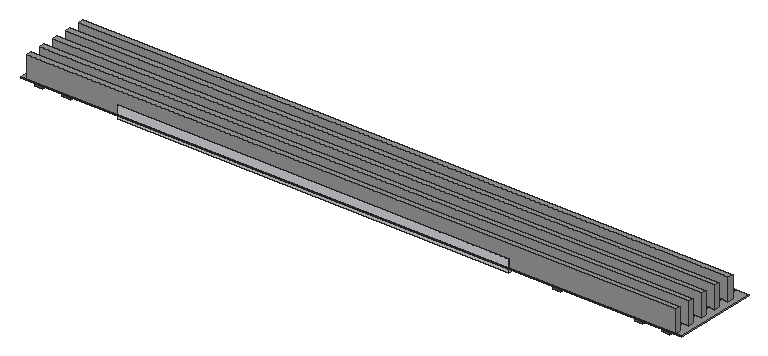
Revit family "1114-5, Solid", category Generic Models, host Face, Revit 2020
Family settings
  Host = Face
  Can host rebar = No
  Round Connector Dimension = Use Diameter
  Part Type = Normal
  Cut with Voids When Loaded = No
  Shared = No
  Room Calculation Point = No
Parameters
  min_value [instance] = 1' - 11 1/4"  # constant formula
  max_value [instance] = 11' - 11 1/4"  # constant formula
  actual_value [instance] = if(NET LENGTH < min_value, min_value, if(NET LENGTH > max_value, max_value, NET LENGTH))  # 7' - 11 1/4"
  SCRIM MATERIAL [instance] = SCRIM
  SCRIM [instance] = yes
  NET LENGTH [instance] = 7' - 11 1/4"
  Default Elevation = 4' - 0"
  BACKER MATERIAL [instance] = BLACK-BACKERS
  .. MEMBER WIDTH [instance] = 0' - 0 3/4"  # constant formula
  .. MEMBER MATERIAL [instance] = Solid Western Hemlock
  .. MEMBER LENGTH [instance] = actual_value  # 7' - 11 1/4"
  .. MEMBER DEPTH [instance] = 0' - 3 1/4"  # constant formula
  .. MEMBER COUNT [instance] = 5  # constant formula
  IMPORTANT NOTE!!!                                                                             *Backer layout is for visualization purposes only, final layout to be determined by 9Wood. [instance] = ""
Reference planes (in)
  plane 1 "Center (Front/Back)": y = 0
  plane 2: z = 1.82209
  plane 3 "Center (Left/Right)": x = 0
Forms (in)
  Extrusion 1, solid
    sketch origin (132, -33.80483, 0) x (1, 0, 0) y (0, 1, 0)
      loop
        line (-118.625, 33.80483) -> (-61.26146, 33.80483) -> (-61.26146, 45.86733) -> (-118.625, 45.86733) -> (-118.625, 33.80483)
    from 1.82209 to 0
Dimensions and locks (in)
  aligned and locked: Extrusion 1 to plane 2
  aligned and locked: plane 3 "Center (Left/Right)" to nested 1
Nested families (in)
  nested 1: "1100 SERIES CONFIG" at (0, 2, 0), .. MEMBER DEPTH <- ".. MEMBER DEPTH", .. MEMBER LENGTH <- ".. MEMBER LENGTH", .. MEMBER WIDTH <- ".. MEMBER WIDTH", .. MEMBER MATERIAL <- ".. MEMBER MATERIAL", BACKING M MATERIAL <- "BACKER MATERIAL", SCRIM  MATERIAL <- "SCRIM MATERIAL", .. MEMBER COUNT <- ".. MEMBER COUNT", SCRIM <- "SCRIM", type "1100 SERIES CONFIG"
    with X 7' - 8", SCRIM OVERHANG 2 0' - 0 3/32", SCRIM OVERHANG 0' - 0 7/8", SCRIM LENGTH 8' - 1", SCRIM  MATERIAL SCRIM, SCRIM yes, NOMINAL LENGTH 7, N 8, Inset 6' - 0 3/8", INSET 0' - 1", INDEX 0' - 5 5/8", HALF MEMBER WIDTH 0' - 0 3/8", HALF LENGTH 3' - 11 5/8", END BACKER yes, BACKING M WIDTH 0' - 1 1/4", BACKING M OC SPACING 1' - 0", BACKING M MATERIAL BLACK-BACKERS, BACKING M LENGTH 0' - 11 7/8", BACKING M DEPTH 0' - 0 1/2", BACKING M COUNT 8, 3/16" INSET 0' - 0 3/16", .. MEMBER WIDTH 0' - 0 3/4", .. MEMBER OC SPACING 0' - 2.4", .. MEMBER MATERIAL Solid Western Hemlock, .. MEMBER LENGTH 7' - 11 1/4", .. MEMBER DEPTH 0' - 3 1/4", .. MEMBER COUNT 5
Definition of nested family "1100 SERIES CONFIG"
  Parameters (values of type "1100 SERIES CONFIG")
    X [instance] = .. MEMBER LENGTH - 0' 3 1/4"  # 5' - 5"
    SCRIM OVERHANG 2 [instance] = 0' - 0 3/32"  # constant formula
    SCRIM OVERHANG [instance] = 0' - 0 7/8"  # constant formula
    SCRIM LENGTH [instance] = .. MEMBER LENGTH + (SCRIM OVERHANG * 2)  # 5' - 10"
    SCRIM  MATERIAL [instance] = none
    SCRIM [instance] = yes
    NOMINAL LENGTH [instance] = 7
    N [instance] = if((X - (rounddown(X / 1' 0") * 1' 0")) > 1' 0", rounddown(X / 1' 0") + 2, rounddown(X / 1' 0") + 1)  # 6
    Inset [instance] = 6' - 0 3/8"  # constant formula
    INSET [instance] = 0' - 1"  # constant formula
    END BACKER [instance] = INDEX > 0' 3 5/8"  # yes
    INDEX [instance] = (.. MEMBER LENGTH - ((N - 1) * 1' 0")) / 2  # 0' - 4 1/8"
    HALF MEMBER WIDTH [instance] = .. MEMBER WIDTH / 2  # 0' - 0 5/16"
    HALF LENGTH [instance] = .. MEMBER LENGTH / 2  # 2' - 10 1/8"
    Default Elevation = 0' - 0"
    BACKING M WIDTH [instance] = 0' - 1 1/4"
    BACKING M SPACING = 3' - 3"
    BACKING M MATERIAL [instance] = none
    BACKING M LENGTH [instance] = 0' - 11 7/8"
    BACKING M DEPTH [instance] = 0' - 0 1/2"
    BACKING M COUNT [instance] = N  # 6
    BACKING M OC SPACING [instance] = 1' - 0"  # constant formula
    3/16" INSET [instance] = 0' - 0 3/16"  # constant formula
    .. MEMBER WIDTH [instance] = 0' - 0 5/8"
    .. MEMBER OC SPACING [instance] = 1' 0" / .. MEMBER COUNT  # 0' - 4"
    .. MEMBER MATERIAL [instance] = none
    .. MEMBER LENGTH [instance] = 5' - 8 1/4"
    .. MEMBER DEPTH [instance] = 0' - 1 3/8"
    .. MEMBER COUNT [instance] = 3
  Reference planes (in)
    plane 1 "Center (Front/Back)": y = -2
    plane 2: z = 0
    plane 3 "Center (Left/Right)": x = 0
    plane 4: x = 1
    plane 5: x = 4.125
    plane 6: x = 34.125
    plane 7: x = 68.25
    plane 8: x = 67.25
    plane 9: x = 16.125
    plane 10: y = -1.8125
    plane 11: y = -1.6875
    plane 12: y = 2.3125
    plane 13: x = 69.125
    plane 14: x = -0.875
    plane 15: z = 0.5
    plane 16: z = 0.5625
    plane 17: y = 10.0625
    plane 18: y = 10.15625
    plane 19: y = -2.09375
  Dimensions and locks (in)
    "INSET": plane 3 "Center (Left/Right)" to plane 4
    "INDEX": plane 3 "Center (Left/Right)" to plane 5
    "HALF LENGTH": plane 3 "Center (Left/Right)" to plane 6
    ".. MEMBER LENGTH": plane 3 "Center (Left/Right)" to plane 7
    "INSET": plane 8 to plane 7
    equal spacing: group 2, group 3, group 6, group 7, group 8, group 9  (x3)
    "3/16" INSET": plane 1 "Center (Front/Back)" to plane 10
    ".. MEMBER OC SPACING": plane 12 to plane 11
    "SCRIM OVERHANG": plane 14 to plane 3 "Center (Left/Right)"
    "SCRIM OVERHANG": plane 7 to plane 13
    equal spacing: group 1, group 4, group 5  (x2)
    equal spacing: group 5, group 4, group 1
    "HALF MEMBER WIDTH": plane 1 "Center (Front/Back)" to plane 11
    "BACKING M OC SPACING": plane 5 to plane 9
    "SCRIM OVERHANG 2": plane 18 to plane 17
    "SCRIM OVERHANG 2": plane 19 to plane 1 "Center (Front/Back)"
    aligned and locked: level to plane 2
    aligned and locked: plane 6 to nested 1
    aligned and locked: nested 2 to plane 4
    aligned and locked: plane 5 to nested 3
    aligned and locked: plane 1 "Center (Front/Back)" to nested 1
    aligned and locked: nested 2 to plane 10
    aligned and locked: nested 3 to plane 10
    aligned and locked: nested 5 to plane 10
    aligned and locked: nested 4 to plane 10
    aligned and locked: nested 6 to plane 14
    aligned and locked: plane 12 to nested 7
    aligned and locked: nested 7 to plane 3 "Center (Left/Right)"
    aligned and locked: plane 9 to nested 5
    aligned and locked: plane 8 to nested 4
    aligned and locked: plane 15 to nested 2
    aligned and locked: nested 6 to plane 15
    aligned and locked: nested 1 to plane 16
    aligned and locked: nested 7 to plane 16
    aligned and locked: nested 6 to plane 19
  Nested families (in)
    nested 1: "INSTANCE - Parametric Cube" at (34.125, -1.6875, 1.9375), Length <- ".. MEMBER WIDTH", Height <- ".. MEMBER DEPTH", Width <- ".. MEMBER LENGTH", Material <- ".. MEMBER MATERIAL", type "INSTANCE - Parametric Cube"
      with Width 5' - 8 1/4", Material none, Length 0' - 0 5/8", Height 0' - 1 3/8"
    nested 2: "2ND INSTANCE - Parametric Cube" at (1.625, 4.125, 0), Height <- "BACKING M DEPTH", Length <- "BACKING M LENGTH", Width <- "BACKING M WIDTH", Material <- "BACKING M MATERIAL", visible <- "END BACKER", type "2ND INSTANCE - Parametric Cube"
      with Width 0' - 1 1/4", Material none, Length 0' - 11 7/8", Height 0' - 0 1/2"
    nested 3: "2ND INSTANCE - Parametric Cube" at (4.125, 4.125, 0), Length <- "BACKING M LENGTH", Height <- "BACKING M DEPTH", Width <- "BACKING M WIDTH", Material <- "BACKING M MATERIAL", type "2ND INSTANCE - Parametric Cube"
      with Width 0' - 1 1/4", Material none, Length 0' - 11 7/8", Height 0' - 0 1/2"
    nested 4: "2ND INSTANCE - Parametric Cube" at (66.625, 4.125, 0), Width <- "BACKING M WIDTH", Length <- "BACKING M LENGTH", Height <- "BACKING M DEPTH", Material <- "BACKING M MATERIAL", visible <- "END BACKER", type "2ND INSTANCE - Parametric Cube"
      with Width 0' - 1 1/4", Material none, Length 0' - 11 7/8", Height 0' - 0 1/2"
    nested 5: "2ND INSTANCE - Parametric Cube" at (16.125, 4.125, 0), Length <- "BACKING M LENGTH", Height <- "BACKING M DEPTH", Width <- "BACKING M WIDTH", Material <- "BACKING M MATERIAL", type "2ND INSTANCE - Parametric Cube"
      with Width 0' - 1 1/4", Material none, Length 0' - 11 7/8", Height 0' - 0 1/2"
    nested 6: "3RD INSTANCE - Parametric Cube" at (34.125, 4.0445, 0.5), Width <- "SCRIM LENGTH", Material <- "SCRIM  MATERIAL", visible <- "SCRIM", type "3RD INSTANCE - Parametric Cube"
      with Width 5' - 10", Material none, Length 1' - 0.27649", Height 0' - 0 1/16"
    nested 7: "INSTANCE - Parametric Cube" at (34.125, 2.3125, 1.9375), Length <- ".. MEMBER WIDTH", Height <- ".. MEMBER DEPTH", Width <- ".. MEMBER LENGTH", Material <- ".. MEMBER MATERIAL", type "INSTANCE - Parametric Cube"
      with Width 5' - 8 1/4", Material none, Length 0' - 0 5/8", Height 0' - 1 3/8"
    nested 8: "INSTANCE - Parametric Cube" at (34.125, 6.3125, 1.9375), Length <- ".. MEMBER WIDTH", Height <- ".. MEMBER DEPTH", Width <- ".. MEMBER LENGTH", Material <- ".. MEMBER MATERIAL", type "INSTANCE - Parametric Cube"
      with Width 5' - 8 1/4", Material none, Length 0' - 0 5/8", Height 0' - 1 3/8"
    nested 9: "2ND INSTANCE - Parametric Cube" at (28.125, 4.125, 0), Length <- "BACKING M LENGTH", Height <- "BACKING M DEPTH", Width <- "BACKING M WIDTH", Material <- "BACKING M MATERIAL", type "2ND INSTANCE - Parametric Cube"
      with Width 0' - 1 1/4", Material none, Length 0' - 11 7/8", Height 0' - 0 1/2"
    nested 10: "2ND INSTANCE - Parametric Cube" at (40.125, 4.125, 0), Length <- "BACKING M LENGTH", Height <- "BACKING M DEPTH", Width <- "BACKING M WIDTH", Material <- "BACKING M MATERIAL", type "2ND INSTANCE - Parametric Cube"
      with Width 0' - 1 1/4", Material none, Length 0' - 11 7/8", Height 0' - 0 1/2"
    nested 11: "2ND INSTANCE - Parametric Cube" at (52.125, 4.125, 0), Length <- "BACKING M LENGTH", Height <- "BACKING M DEPTH", Width <- "BACKING M WIDTH", Material <- "BACKING M MATERIAL", type "2ND INSTANCE - Parametric Cube"
      with Width 0' - 1 1/4", Material none, Length 0' - 11 7/8", Height 0' - 0 1/2"
    nested 12: "2ND INSTANCE - Parametric Cube" at (64.125, 4.125, 0), Length <- "BACKING M LENGTH", Height <- "BACKING M DEPTH", Width <- "BACKING M WIDTH", Material <- "BACKING M MATERIAL", type "2ND INSTANCE - Parametric Cube"
      with Width 0' - 1 1/4", Material none, Length 0' - 11 7/8", Height 0' - 0 1/2"
  Definition of nested family "INSTANCE - Parametric Cube"
    Parameters (values of type "INSTANCE - Parametric Cube")
      Width [instance] = 0' - 6"
      Material [instance] = none
      Length [instance] = 1' - 0"
      Height [instance] = 1' - 6"
      Default Elevation = 0' - 0"
    Reference planes (in)
      plane 1 "Center (Front/Back)": y = 0
      plane 2: z = 0
      plane 3 "Center (Left/Right)": x = 0
      plane 4: x = -3
      plane 5: x = 3
      plane 6: y = 6
      plane 7: y = -6
      plane 8: z = -18
    Forms (in)
      Extrusion 1, solid, material <- "Material"
        sketch origin (0, 0, 0) x (1, 0, 0) y (0, 1, 0)
          loop
            line (-3, 6) -> (-3, -6) -> (3, -6) -> (3, 6) -> (-3, 6)
        from -18 to 0
    Dimensions and locks (in)
      equal spacing: plane 4, plane 3 "Center (Left/Right)", plane 5
      equal spacing: plane 6, plane 1 "Center (Front/Back)", plane 7
      "Length": plane 6 to plane 7
      "Width": plane 4 to plane 5
      "Height": plane 8 to level
      aligned and locked: plane 2 to level
      aligned and locked: Extrusion 1 sketch curve to plane 6
      aligned and locked: plane 4 to Extrusion 1 sketch curve
      aligned and locked: plane 7 to Extrusion 1 sketch curve
      aligned and locked: Extrusion 1 sketch curve to plane 5
      aligned and locked: Extrusion 1 to plane 8
  Definition of nested family "2ND INSTANCE - Parametric Cube"
    Parameters (values of type "2ND INSTANCE - Parametric Cube")
      Width [instance] = 0' - 6"
      Material [instance] = none
      Length [instance] = 1' - 0"
      Height [instance] = 1' - 6"
      Default Elevation = 0' - 0"
    Reference planes (in)
      plane 1 "Center (Front/Back)": y = 0
      plane 2: z = 0
      plane 3 "Center (Left/Right)": x = 0
      plane 4: x = -3
      plane 5: x = 3
      plane 6: y = 6
      plane 7: y = -6
      plane 8: z = 18
    Forms (in)
      Extrusion 1, solid, material <- "Material"
        sketch origin (0, 0, 0) x (1, 0, 0) y (0, 1, 0)
          loop
            line (-3, 6) -> (-3, -6) -> (3, -6) -> (3, 6) -> (-3, 6)
        from 0 to 18
    Dimensions and locks (in)
      equal spacing: plane 4, plane 3 "Center (Left/Right)", plane 5
      equal spacing: plane 6, plane 1 "Center (Front/Back)", plane 7
      "Length": plane 6 to plane 7
      "Width": plane 4 to plane 5
      "Height": level to plane 8
      aligned and locked: plane 2 to level
      aligned and locked: Extrusion 1 sketch curve to plane 6
      aligned and locked: plane 4 to Extrusion 1 sketch curve
      aligned and locked: plane 7 to Extrusion 1 sketch curve
      aligned and locked: Extrusion 1 sketch curve to plane 5
      aligned and locked: plane 8 to Extrusion 1
      aligned and locked: Extrusion 1 to level
  Definition of nested family "3RD INSTANCE - Parametric Cube"
    Parameters (values of type "3RD INSTANCE - Parametric Cube")
      Width [instance] = 0' - 6"
      Material [instance] = none
      Length [instance] = 1' - 0"
      Height [instance] = 1' - 6"
      Default Elevation = 0' - 0"
    Reference planes (in)
      plane 1 "Center (Front/Back)": y = 0
      plane 2: z = 0
      plane 3 "Center (Left/Right)": x = 0
      plane 4: x = -3
      plane 5: x = 3
      plane 6: y = 6
      plane 7: y = -6
      plane 8: z = 18
    Forms (in)
      Extrusion 1, solid, material <- "Material"
        sketch origin (0, 0, 0) x (1, 0, 0) y (0, 1, 0)
          loop
            line (-3, 6) -> (-3, -6) -> (3, -6) -> (3, 6) -> (-3, 6)
        from 0 to 18
    Dimensions and locks (in)
      equal spacing: plane 4, plane 3 "Center (Left/Right)", plane 5
      equal spacing: plane 6, plane 1 "Center (Front/Back)", plane 7
      "Length": plane 6 to plane 7
      "Width": plane 4 to plane 5
      "Height": level to plane 8
      aligned and locked: plane 2 to level
      aligned and locked: Extrusion 1 sketch curve to plane 6
      aligned and locked: plane 4 to Extrusion 1 sketch curve
      aligned and locked: plane 7 to Extrusion 1 sketch curve
      aligned and locked: Extrusion 1 sketch curve to plane 5
      aligned and locked: plane 8 to Extrusion 1
      aligned and locked: Extrusion 1 to level
